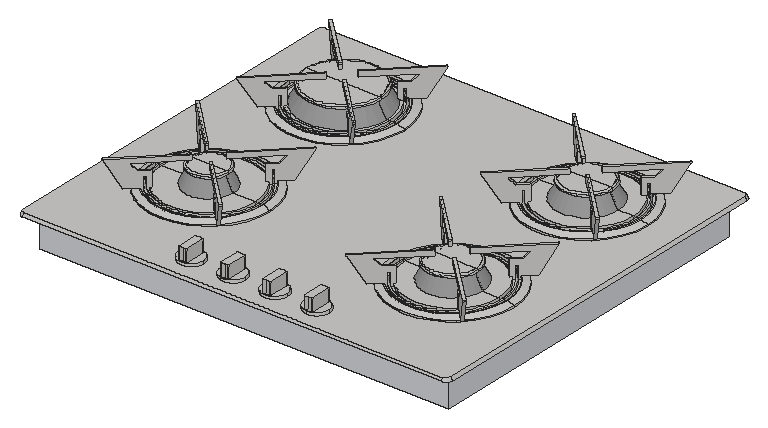
Revit family "piano di cottura a gas_steel", category Furniture, Revit 2015
Parameters
  Regolatori = Refrigerator - Body
  Bocche gas = Fuochi
  Piano = Refrigerator - Doors
  P = 51.9998 cm
  L = 59.00 cm
  Sostegni = Refrigerator - Doors
Reference planes (cm)
  plane 1 "Centro (Fronte/Retro)": y = -7.1884
  plane 2: z = 0
  plane 3 "Centro (Sinistra/Destra)": x = 0
  plane 4: y = 20.1616
  plane 5: x = -29.5
  plane 6: x = 29.5
  plane 7: z = -4.5
  plane 8 "svart top": z = 3.4
  plane 9 "svart bas": z = 3.049
  plane 10 "buchi base": z = 2.9002
  plane 11 "base fuocherello": z = 0.9301
  plane 12 "piano": z = 0.4
  plane 13 "piano fuochi": y = 15.6451
  plane 14: x = -16.6977
  plane 15: x = 16.6952
  plane 16: y = -7.0384
  plane 17: y = -7.3384
  plane 18: y = 15.7951
  plane 19: y = 15.4951
  plane 20 "knapp": z = 0.6625
  plane 21 "knapp h": z = 2.9002
  plane 22: y = 27.9998
  plane 23: y = -24
  plane 24: x = 29.5
  plane 25: x = -29.5
  plane 26: y = 1.9999
  plane 27: x = -28
  plane 28: x = 28
  plane 29: y = -22.0001
  plane 30: y = 25.9999
Forms (cm)
  Revolve 1, solid, material "Refrigerator - Doors" <- "Sostegni"
    sketch origin (0, -7.1884, 0) x (1, 0, 0) y (0, 0, 1)
      loop
        line (13.8966, 0.1879) -> (13.8966, 0.9398) -> (10.3001, 0.9398) -> (10.3001, 0.58) -> (9.2976, 0.58) -> (9.2976, 0.9223) -> (9.168, 0.9223) -> (8.2976, 0.5706) -> (8.2976, 0.43) -> (13.7477, 0.43) -> (13.7477, 0.1879) -> (13.8966, 0.1879)
      axis (16.6976, 0.9398) -> (16.6976, 0.1879)
    angle from 0 to 360
  Revolve 2, solid, material "Refrigerator - Doors" <- "Sostegni"
    sketch origin (0, -7.1884, 0) x (1, 0, 0) y (0, 0, 1)
      loop
        line (9.6976, 0.58) -> (9.8976, 0.58) -> (9.8976, 0.83)
        arc (9.8976, 0.83) -> (9.7976, 0.93) -> (9.6976, 0.83) r 0.1
        line (9.6976, 0.83) -> (9.6976, 0.58)
      axis (16.6976, 0.58) -> (16.6976, 0.83)
    angle from 0 to 360
  Revolve 3, solid, material "Refrigerator - Doors" <- "Sostegni"
    sketch origin (0, -7.1884, 0) x (1, 0, 0) y (0, 0, 1)
      loop
        line (16.6976, 3.3999) -> (13.4138, 3.3999)
        arc (13.4138, 3.3999) -> (13.3016, 3.3535) -> (13.24, 3.2488) r 0.1913
        line (13.24, 3.2488) -> (13.1977, 3.0498) -> (13.5898, 3.0498) -> (13.5898, 3.2798) -> (16.6976, 3.2798) -> (16.6976, 3.3999)
      axis (16.6976, 3.3999) -> (16.6976, 3.0498)
    angle from 0 to 360
  Revolve 4, solid, material "Fuochi" <- "Bocche gas"
    sketch origin (0, -7.1884, 0) x (1, 0, 0) y (0, 0, 1)
      loop
        line (13.5977, 3.2677) -> (13.5977, 2.9) -> (14.0138, 2.9) -> (14.0138, 2.4956) -> (14.3977, 2.4956) -> (14.3977, 3.0406) -> (13.9963, 3.0406) -> (13.9963, 3.2677) -> (13.5977, 3.2677)
      axis (16.6976, 3.2677) -> (16.6976, 2.4956)
    angle from 0 to 360
  Revolve 5, solid, material "Fuochi" <- "Bocche gas"
    sketch origin (0, -7.1884, 0) x (1, 0, 0) y (0, 0, 1)
      loop
        line (12.5976, 0.9398) -> (16.6971, 0.9398) -> (16.6971, 2.4838) -> (13.9977, 2.4838) -> (13.9977, 2.8838) -> (13.5977, 2.8838) -> (12.5976, 0.9398)
      axis (16.6976, 2.8838) -> (16.6976, 0.9398)
    angle from 0 to 360
  Extrusion 6, solid, material "Refrigerator - Doors" <- "Sostegni"
    sketch origin (4.8907, -18.9957, 0) x (0.707107, 0.707107, 0) y (0, 0, 1)
      loop
        line (7.4692, 0.9744) -> (9.3476, 0.9744) -> (9.3476, 0.6285) -> (9.6976, 0.6285) -> (9.6976, 0.7785) -> (9.6124, 0.7785) -> (9.6124, 2.351) -> (9.9827, 2.351) -> (9.9827, 0.7785) -> (9.8976, 0.7785) -> (9.8976, 0.6285) -> (10.2476, 0.6285) -> (10.2476, 0.9744) -> (10.5806, 0.9744) -> (10.5806, 3.0873) -> (9.0117, 3.0873) -> (8.1384, 4.0009) -> (14.7976, 4.0009) -> (14.7976, 4.6039)
        arc (14.7976, 4.6039) -> (14.772, 4.6658) -> (14.7101, 4.6915) r 0.0875
        line (14.7101, 4.6915) -> (5.287, 4.6915)
        arc (5.287, 4.6915) -> (5.2434, 4.6658) -> (5.2444, 4.6153) r 0.0501
        line (5.2444, 4.6153) -> (7.4692, 0.9744)
    from -0.15 to 0.15
  Extrusion 7, solid, material "Refrigerator - Doors" <- "Sostegni"
    sketch origin (28.5047, -18.995, 0) x (-0.707107, 0.707107, 0) y (0, 0, -1)
      loop
        line (7.4692, -0.9744) -> (5.2444, -4.6153)
        arc (5.2444, -4.6153) -> (5.2434, -4.6658) -> (5.287, -4.6915) r 0.0501
        line (5.287, -4.6915) -> (14.7101, -4.6915)
        arc (14.7101, -4.6915) -> (14.772, -4.6658) -> (14.7976, -4.6039) r 0.0875
        line (14.7976, -4.6039) -> (14.7976, -4.0009) -> (8.1384, -4.0009) -> (9.0117, -3.0873) -> (10.5806, -3.0873) -> (10.5806, -0.9744) -> (10.2476, -0.9744) -> (10.2476, -0.6285) -> (9.8976, -0.6285) -> (9.8976, -0.7785) -> (9.9827, -0.7785) -> (9.9827, -2.351) -> (9.6124, -2.351) -> (9.6124, -0.7785) -> (9.6976, -0.7785) -> (9.6976, -0.6285) -> (9.3476, -0.6285) -> (9.3476, -0.9744) -> (7.4692, -0.9744)
    from -0.15 to 0.15
  Extrusion 8, solid, material "Refrigerator - Doors" <- "Sostegni"
    sketch origin (-28.5063, -18.997, 0) x (0.707107, 0.707107, 0) y (0, 0, 1)
      loop
        line (7.4692, 0.9744) -> (9.3476, 0.9744) -> (9.3476, 0.6285) -> (9.6976, 0.6285) -> (9.6976, 0.7785) -> (9.6124, 0.7785) -> (9.6124, 2.351) -> (9.9827, 2.351) -> (9.9827, 0.7785) -> (9.8976, 0.7785) -> (9.8976, 0.6285) -> (10.2476, 0.6285) -> (10.2476, 0.9744) -> (10.5806, 0.9744) -> (10.5806, 3.0873) -> (9.0117, 3.0873) -> (8.1384, 4.0009) -> (14.7976, 4.0009) -> (14.7976, 4.6039)
        arc (14.7976, 4.6039) -> (14.772, 4.6658) -> (14.7101, 4.6915) r 0.0875
        line (14.7101, 4.6915) -> (5.287, 4.6915)
        arc (5.287, 4.6915) -> (5.2434, 4.6658) -> (5.2444, 4.6153) r 0.0501
        line (5.2444, 4.6153) -> (7.4692, 0.9744)
    from -0.15 to 0.15
  Extrusion 9, solid, material "Refrigerator - Doors" <- "Sostegni"
    sketch origin (-4.8923, -18.9937, 0) x (-0.707107, 0.707107, 0) y (0, 0, -1)
      loop
        line (7.4692, -0.9744) -> (5.2444, -4.6153)
        arc (5.2444, -4.6153) -> (5.2434, -4.6658) -> (5.287, -4.6915) r 0.0501
        line (5.287, -4.6915) -> (14.7101, -4.6915)
        arc (14.7101, -4.6915) -> (14.772, -4.6658) -> (14.7976, -4.6039) r 0.0875
        line (14.7976, -4.6039) -> (14.7976, -4.0009) -> (8.1384, -4.0009) -> (9.0117, -3.0873) -> (10.5806, -3.0873) -> (10.5806, -0.9744) -> (10.2476, -0.9744) -> (10.2476, -0.6285) -> (9.8976, -0.6285) -> (9.8976, -0.7785) -> (9.9827, -0.7785) -> (9.9827, -2.351) -> (9.6124, -2.351) -> (9.6124, -0.7785) -> (9.6976, -0.7785) -> (9.6976, -0.6285) -> (9.3476, -0.6285) -> (9.3476, -0.9744) -> (7.4692, -0.9744)
    from -0.15 to 0.15
  Revolve 10, solid, material "Refrigerator - Doors" <- "Sostegni"
    sketch origin (0, -7.1884, 0) x (1, 0, 0) y (0, 0, 1)
      loop
        line (-16.6977, 3.28) -> (-16.6977, 3.4) -> (-19.1674, 3.4)
        arc (-19.1674, 3.4) -> (-19.2918, 3.3574) -> (-19.3641, 3.2474) r 0.2031
        line (-19.3641, 3.2474) -> (-19.3978, 3.049) -> (-19.0047, 3.049) -> (-19.0047, 3.28) -> (-16.6977, 3.28)
      axis (-16.6977, 3.049) -> (-16.6977, 3.4)
    angle from 0 to 360
  Revolve 11, solid, material "Fuochi" <- "Bocche gas"
    sketch origin (0, -7.1884, 0) x (1, 0, 0) y (0, 0, 1)
      loop
        line (-19.0047, 3.0407) -> (-19.0047, 2.9002) -> (-18.5814, 2.9002) -> (-18.5814, 2.4958) -> (-18.1976, 2.4958) -> (-18.1976, 3.0407) -> (-19.0047, 3.0407)
      axis (-16.6977, 2.4958) -> (-16.6977, 3.0407)
    angle from 0 to 360
  Revolve 12, solid, material "Fuochi" <- "Bocche gas"
    sketch origin (0, -7.1884, 0) x (1, 0, 0) y (0, 0, 1)
      loop
        line (-18.9976, 2.884) -> (-19.9977, 0.9399) -> (-18.6486, 0.9399) -> (-18.6486, 0.2018) -> (-18.1976, 0.2018) -> (-18.1976, 2.484) -> (-18.5976, 2.484) -> (-18.5976, 2.884) -> (-18.9976, 2.884)
      axis (-16.6977, 0.2018) -> (-16.6977, 2.884)
    angle from 0 to 360
  Revolve 13, solid, material "Refrigerator - Doors" <- "Sostegni"
    sketch origin (0, -7.1884, 0) x (1, 0, 0) y (0, 0, 1)
      loop
        line (-23.6977, 0.5801) -> (-23.4977, 0.5801) -> (-23.4977, 0.8301)
        arc (-23.4977, 0.8301) -> (-23.5977, 0.9301) -> (-23.6977, 0.8301) r 0.1
        line (-23.6977, 0.8301) -> (-23.6977, 0.5801)
      axis (-16.6977, 0.5801) -> (-16.6977, 0.8301)
    angle from 0 to 360
  Revolve 14, solid, material "Refrigerator - Doors" <- "Sostegni"
    sketch origin (0, -7.1884, 0) x (1, 0, 0) y (0, 0, 1)
      loop
        line (-18.8476, 0.4301) -> (-18.8476, 0.0889) -> (-18.6986, 0.0889) -> (-18.6986, 0.9301) -> (-23.0977, 0.9301) -> (-23.0977, 0.5801) -> (-24.0977, 0.5801) -> (-24.0977, 0.9301) -> (-24.2078, 0.9301) -> (-25.0977, 0.5706) -> (-25.0977, 0.4301) -> (-18.8476, 0.4301)
      axis (-16.6977, 0.0889) -> (-16.6977, 0.9301)
    angle from 0 to 360
  Extrusion 15, solid, material "Refrigerator - Doors" <- "Sostegni"
    sketch origin (28.5086, 4.6222, 0) x (-0.707107, -0.707107, 0) y (0, 0, 1)
      loop
        line (7.4692, 0.9744) -> (9.3476, 0.9744) -> (9.3476, 0.6285) -> (9.6976, 0.6285) -> (9.6976, 0.7785) -> (9.6124, 0.7785) -> (9.6124, 2.351) -> (9.9827, 2.351) -> (9.9827, 0.7785) -> (9.8976, 0.7785) -> (9.8976, 0.6285) -> (10.2476, 0.6285) -> (10.2476, 0.9744) -> (10.5806, 0.9744) -> (10.5806, 3.0873) -> (9.0117, 3.0873) -> (8.1384, 4.0009) -> (14.7976, 4.0009) -> (14.7976, 4.6039)
        arc (14.7976, 4.6039) -> (14.772, 4.6658) -> (14.7101, 4.6915) r 0.0875
        line (14.7101, 4.6915) -> (5.287, 4.6915)
        arc (5.287, 4.6915) -> (5.2434, 4.6658) -> (5.2444, 4.6153) r 0.0501
        line (5.2444, 4.6153) -> (7.4692, 0.9744)
    from -0.15 to 0.15
  Extrusion 16, solid, material "Refrigerator - Doors" <- "Sostegni"
    sketch origin (4.8872, 4.6215, 0) x (0.707107, -0.707107, 0) y (0, 0, 1)
      loop
        line (7.4692, 0.9744) -> (9.3476, 0.9744) -> (9.3476, 0.6285) -> (9.6976, 0.6285) -> (9.6976, 0.7785) -> (9.6124, 0.7785) -> (9.6124, 2.351) -> (9.9827, 2.351) -> (9.9827, 0.7785) -> (9.8976, 0.7785) -> (9.8976, 0.6285) -> (10.2476, 0.6285) -> (10.2476, 0.9744) -> (10.5806, 0.9744) -> (10.5806, 3.0873) -> (9.0117, 3.0873) -> (8.1384, 4.0009) -> (14.7976, 4.0009) -> (14.7976, 4.6039)
        arc (14.7976, 4.6039) -> (14.772, 4.6658) -> (14.7101, 4.6915) r 0.0875
        line (14.7101, 4.6915) -> (5.287, 4.6915)
        arc (5.287, 4.6915) -> (5.2434, 4.6658) -> (5.2444, 4.6153) r 0.0501
        line (5.2444, 4.6153) -> (7.4692, 0.9744)
    from -0.15 to 0.15
  Extrusion 17, solid, material "Refrigerator - Doors" <- "Sostegni"
    sketch origin (-4.8923, 4.6169, 0) x (-0.707107, -0.707107, 0) y (0, 0, 1)
      loop
        line (7.4692, 0.9744) -> (9.3476, 0.9744) -> (9.3476, 0.6285) -> (9.6976, 0.6285) -> (9.6976, 0.7785) -> (9.6124, 0.7785) -> (9.6124, 2.351) -> (9.9827, 2.351) -> (9.9827, 0.7785) -> (9.8976, 0.7785) -> (9.8976, 0.6285) -> (10.2476, 0.6285) -> (10.2476, 0.9744) -> (10.5806, 0.9744) -> (10.5806, 3.0873) -> (9.0117, 3.0873) -> (8.1384, 4.0009) -> (14.7976, 4.0009) -> (14.7976, 4.6039)
        arc (14.7976, 4.6039) -> (14.772, 4.6658) -> (14.7101, 4.6915) r 0.0875
        line (14.7101, 4.6915) -> (5.287, 4.6915)
        arc (5.287, 4.6915) -> (5.2434, 4.6658) -> (5.2444, 4.6153) r 0.0501
        line (5.2444, 4.6153) -> (7.4692, 0.9744)
    from -0.15 to 0.15
  Extrusion 18, solid, material "Refrigerator - Doors" <- "Sostegni"
    sketch origin (-28.503, 4.6169, 0) x (0.707107, -0.707107, 0) y (0, 0, 1)
      loop
        line (7.4692, 0.9744) -> (9.3476, 0.9744) -> (9.3476, 0.6285) -> (9.6976, 0.6285) -> (9.6976, 0.7785) -> (9.6124, 0.7785) -> (9.6124, 2.351) -> (9.9827, 2.351) -> (9.9827, 0.7785) -> (9.8976, 0.7785) -> (9.8976, 0.6285) -> (10.2476, 0.6285) -> (10.2476, 0.9744) -> (10.5806, 0.9744) -> (10.5806, 3.0873) -> (9.0117, 3.0873) -> (8.1384, 4.0009) -> (14.7976, 4.0009) -> (14.7976, 4.6039)
        arc (14.7976, 4.6039) -> (14.772, 4.6658) -> (14.7101, 4.6915) r 0.0875
        line (14.7101, 4.6915) -> (5.287, 4.6915)
        arc (5.287, 4.6915) -> (5.2434, 4.6658) -> (5.2444, 4.6153) r 0.0501
        line (5.2444, 4.6153) -> (7.4692, 0.9744)
    from -0.15 to 0.15
  Revolve 19, solid, material "Refrigerator - Doors" <- "Sostegni"
    sketch origin (-163.8645, 15.6451, 0) x (-1, 0, 0) y (0, 0, 1)
      loop
        line (-154.3023, 0.5801) -> (-154.1023, 0.5801) -> (-154.1023, 0.8301)
        arc (-154.1023, 0.8301) -> (-154.2023, 0.9301) -> (-154.3023, 0.8301) r 0.1
        line (-154.3023, 0.8301) -> (-154.3023, 0.5801)
      axis (-147.3023, 0.5801) -> (-147.3023, 0.8301)
    angle from 0 to 360
  Revolve 20, solid, material "Refrigerator - Doors" <- "Sostegni"
    sketch origin (-163.8645, 15.6451, 0) x (-1, 0, 0) y (0, 0, 1)
      loop
        line (-155.7023, 0.4301) -> (-151.9523, 0.4301) -> (-151.9523, 0.132) -> (-151.8034, 0.132) -> (-151.8034, 0.9301) -> (-153.7023, 0.9301) -> (-153.7023, 0.5801) -> (-154.7023, 0.5801) -> (-154.7023, 0.9301) -> (-154.8121, 0.9301) -> (-155.7023, 0.5704) -> (-155.7023, 0.4301)
      axis (-147.3023, 0.132) -> (-147.3023, 0.9301)
    angle from 0 to 360
  Extrusion 21, solid, material "Refrigerator - Doors" <- "Sostegni"
    sketch origin (-120.7603, -88.4176, 0) x (-0.707107, -0.707107, 0) y (0, 0, 1)
      loop
        line (-138.7455, 4.0009) -> (-139.6344, 3.0873) -> (-141.2009, 3.0873) -> (-141.2009, 0.9801) -> (-140.868, 0.9801) -> (-140.868, 0.6287) -> (-140.518, 0.6287) -> (-140.518, 0.7787) -> (-140.6031, 0.7787) -> (-140.6031, 2.351) -> (-140.2328, 2.351) -> (-140.2328, 0.7787) -> (-140.318, 0.7787) -> (-140.318, 0.6287) -> (-139.968, 0.6287) -> (-139.968, 0.9745) -> (-138.1013, 0.9745) -> (-135.8492, 4.6163)
        arc (-135.8492, 4.6163) -> (-135.845, 4.671) -> (-135.8918, 4.6996) r 0.0525
        line (-135.8918, 4.6996) -> (-145.3435, 4.6996)
        arc (-145.3435, 4.6996) -> (-145.3957, 4.678) -> (-145.4173, 4.6259) r 0.0738
        line (-145.4173, 4.6259) -> (-145.4173, 4.0009) -> (-138.7455, 4.0009)
    from -0.15 to 0.15
  Extrusion 22, solid, material "Refrigerator - Doors" <- "Sostegni"
    sketch origin (-87.3769, -88.427, 0) x (-0.707107, -0.707107, 0) y (0, 0, 1)
      loop
        line (-138.7455, 4.0009) -> (-139.6344, 3.0873) -> (-141.2009, 3.0873) -> (-141.2009, 0.9801) -> (-140.868, 0.9801) -> (-140.868, 0.6287) -> (-140.518, 0.6287) -> (-140.518, 0.7787) -> (-140.6031, 0.7787) -> (-140.6031, 2.351) -> (-140.2328, 2.351) -> (-140.2328, 0.7787) -> (-140.318, 0.7787) -> (-140.318, 0.6287) -> (-139.968, 0.6287) -> (-139.968, 0.9745) -> (-138.1013, 0.9745) -> (-135.8492, 4.6163)
        arc (-135.8492, 4.6163) -> (-135.845, 4.671) -> (-135.8918, 4.6996) r 0.0525
        line (-135.8918, 4.6996) -> (-145.3435, 4.6996)
        arc (-145.3435, 4.6996) -> (-145.3957, 4.678) -> (-145.4173, 4.6259) r 0.0738
        line (-145.4173, 4.6259) -> (-145.4173, 4.0009) -> (-138.7455, 4.0009)
    from -0.15 to 0.15
  Extrusion 23, solid, material "Refrigerator - Doors" <- "Sostegni"
    sketch origin (-87.5716, 119.9119, -0.0003) x (-0.707107, 0.707107, 0) y (0, 0, -1)
      loop
        line (-138.7455, -4.0009) -> (-145.4173, -4.0009) -> (-145.4173, -4.6259)
        arc (-145.4173, -4.6259) -> (-145.3957, -4.678) -> (-145.3435, -4.6996) r 0.0738
        line (-145.3435, -4.6996) -> (-135.8918, -4.6996)
        arc (-135.8918, -4.6996) -> (-135.845, -4.671) -> (-135.8492, -4.6163) r 0.0525
        line (-135.8492, -4.6163) -> (-138.1013, -0.9745) -> (-139.968, -0.9745) -> (-139.968, -0.6287) -> (-140.318, -0.6287) -> (-140.318, -0.7787) -> (-140.2328, -0.7787) -> (-140.2328, -2.351) -> (-140.6031, -2.351) -> (-140.6031, -0.7787) -> (-140.518, -0.7787) -> (-140.518, -0.6287) -> (-140.868, -0.6287) -> (-140.868, -0.9801) -> (-141.2009, -0.9801) -> (-141.2009, -3.0873) -> (-139.6344, -3.0873) -> (-138.7455, -4.0009)
    from -0.15 to 0.15
  Revolve 24, solid, material "Refrigerator - Doors" <- "Sostegni"
    sketch origin (-163.8645, 15.6451, 0) x (-1, 0, 0) y (0, 0, 1)
      loop
        line (-147.3023, 3.4) -> (-152.2612, 3.4)
        arc (-152.2612, 3.4) -> (-152.3864, 3.3605) -> (-152.4663, 3.2564) r 0.2182
        line (-152.4663, 3.2564) -> (-152.5026, 3.049) -> (-152.1102, 3.049) -> (-152.1102, 3.2804) -> (-147.3023, 3.2804) -> (-147.3023, 3.4)
      axis (-147.3023, 3.049) -> (-147.3023, 3.4)
    angle from 0 to 360
  Revolve 25, solid, material "Fuochi" <- "Bocche gas"
    sketch origin (-163.8645, 15.6451, 0) x (-1, 0, 0) y (0, 0, 1)
      loop
        line (-151.7023, 3.2683) -> (-152.1023, 3.2683) -> (-152.1023, 2.9006) -> (-151.6862, 2.9006) -> (-151.6862, 2.4962) -> (-151.3023, 2.4962) -> (-151.3023, 3.0412) -> (-151.7023, 3.0412) -> (-151.7023, 3.2683)
      axis (-147.3023, 2.4962) -> (-147.3023, 3.2683)
    angle from 0 to 360
  Revolve 26, solid, material "Fuochi" <- "Bocche gas"
    sketch origin (-163.8645, 15.6451, 0) x (-1, 0, 0) y (0, 0, 1)
      loop
        line (-153.3023, 0.9404) -> (-151.7534, 0.9404) -> (-151.7534, 0.132) -> (-151.3023, 0.132) -> (-151.3023, 2.4844) -> (-151.7023, 2.4844) -> (-151.7023, 2.8844) -> (-152.1023, 2.8844) -> (-153.3023, 0.9404)
      axis (-147.3023, 2.8844) -> (-147.3023, 0.132)
    angle from 0 to 360
  Revolve 27, solid, material "Refrigerator - Doors" <- "Sostegni"
    sketch origin (-163.8645, 15.6451, 0) x (-1, 0, 0) y (0, 0, 1)
      loop
        line (-187.6976, 0.58) -> (-187.4976, 0.58) -> (-187.4976, 0.83)
        arc (-187.4976, 0.83) -> (-187.5976, 0.93) -> (-187.6976, 0.83) r 0.1
        line (-187.6976, 0.83) -> (-187.6976, 0.58)
      axis (-180.6976, 0.58) -> (-180.6976, 0.83)
    angle from 0 to 360
  Revolve 28, solid, material "Refrigerator - Doors" <- "Sostegni"
    sketch origin (-163.8645, 15.6451, 0) x (-1, 0, 0) y (0, 0, 1)
      loop
        line (-189.0976, 0.5703) -> (-189.0976, 0.4304) -> (-183.6477, 0.4304) -> (-183.6477, 0.1469) -> (-183.4987, 0.1469) -> (-183.4987, 0.9301) -> (-187.0976, 0.9301) -> (-187.0976, 0.58) -> (-188.0976, 0.58) -> (-188.0976, 0.9301) -> (-188.207, 0.9301) -> (-189.0976, 0.5703)
      axis (-180.6976, 0.1469) -> (-180.6976, 0.9301)
    angle from 0 to 360
  Revolve 29, solid, material "Fuochi" <- "Bocche gas"
    sketch origin (-163.8645, 15.6451, 0) x (-1, 0, 0) y (0, 0, 1)
      loop
        line (-183.3977, 3.2682) -> (-183.7977, 3.2682) -> (-183.7977, 2.9004) -> (-183.3815, 2.9004) -> (-183.3815, 2.496) -> (-182.9977, 2.496) -> (-182.9977, 3.041) -> (-183.3977, 3.041) -> (-183.3977, 3.2682)
      axis (-180.6976, 2.496) -> (-180.6976, 3.2682)
    angle from 0 to 360
  Revolve 30, solid, material "Fuochi" <- "Bocche gas"
    sketch origin (-163.8645, 15.6451, 0) x (-1, 0, 0) y (0, 0, 1)
      loop
        line (-184.9977, 0.9402) -> (-183.4487, 0.9402) -> (-183.4487, 0.1469) -> (-182.9977, 0.1469) -> (-182.9977, 2.4842) -> (-183.3977, 2.4842) -> (-183.3977, 2.8842) -> (-183.7977, 2.8842) -> (-184.9977, 0.9402)
      axis (-180.6976, 0.1469) -> (-180.6976, 2.8842)
    angle from 0 to 360
  Revolve 31, solid, material "Refrigerator - Doors" <- "Sostegni"
    sketch origin (-163.8645, 15.6451, 0) x (-1, 0, 0) y (0, 0, 1)
      loop
        line (-180.6976, 3.2803) -> (-180.6976, 3.4) -> (-183.9674, 3.4)
        arc (-183.9674, 3.4) -> (-184.0923, 3.357) -> (-184.1642, 3.2463) r 0.2028
        line (-184.1642, 3.2463) -> (-184.1979, 3.049) -> (-183.8055, 3.049) -> (-183.8055, 3.2803) -> (-180.6976, 3.2803)
      axis (-180.6976, 3.4) -> (-180.6976, 3.049)
    angle from 0 to 360
  Extrusion 32, solid, material "Refrigerator - Doors" <- "Sostegni"
    sketch origin (87.365, -88.4176, 0) x (0.707107, -0.707107, 0) y (0, 0, -1)
      loop
        line (-138.7455, -4.0009) -> (-145.4173, -4.0009) -> (-145.4173, -4.6259)
        arc (-145.4173, -4.6259) -> (-145.3957, -4.678) -> (-145.3435, -4.6996) r 0.0738
        line (-145.3435, -4.6996) -> (-135.8918, -4.6996)
        arc (-135.8918, -4.6996) -> (-135.845, -4.671) -> (-135.8492, -4.6163) r 0.0525
        line (-135.8492, -4.6163) -> (-138.1013, -0.9745) -> (-139.968, -0.9745) -> (-139.968, -0.6287) -> (-140.318, -0.6287) -> (-140.318, -0.7787) -> (-140.2328, -0.7787) -> (-140.2328, -2.351) -> (-140.6031, -2.351) -> (-140.6031, -0.7787) -> (-140.518, -0.7787) -> (-140.518, -0.6287) -> (-140.868, -0.6287) -> (-140.868, -0.9801) -> (-141.2009, -0.9801) -> (-141.2009, -3.0873) -> (-139.6344, -3.0873) -> (-138.7455, -4.0009)
    from -0.15 to 0.15
  Extrusion 33, solid, material "Refrigerator - Doors" <- "Sostegni"
    sketch origin (-120.7603, 119.7077, 0) x (-0.707107, 0.707107, 0) y (0, 0, -1)
      loop
        line (-138.7455, -4.0009) -> (-145.4173, -4.0009) -> (-145.4173, -4.6259)
        arc (-145.4173, -4.6259) -> (-145.3957, -4.678) -> (-145.3435, -4.6996) r 0.0738
        line (-145.3435, -4.6996) -> (-135.8918, -4.6996)
        arc (-135.8918, -4.6996) -> (-135.845, -4.671) -> (-135.8492, -4.6163) r 0.0525
        line (-135.8492, -4.6163) -> (-138.1013, -0.9745) -> (-139.968, -0.9745) -> (-139.968, -0.6287) -> (-140.318, -0.6287) -> (-140.318, -0.7787) -> (-140.2328, -0.7787) -> (-140.2328, -2.351) -> (-140.6031, -2.351) -> (-140.6031, -0.7787) -> (-140.518, -0.7787) -> (-140.518, -0.6287) -> (-140.868, -0.6287) -> (-140.868, -0.9801) -> (-141.2009, -0.9801) -> (-141.2009, -3.0873) -> (-139.6344, -3.0873) -> (-138.7455, -4.0009)
    from -0.15 to 0.15
  Extrusion 34, solid, material "Refrigerator - Doors" <- "Sostegni"
    sketch origin (87.365, 119.7077, 0) x (0.707107, 0.707107, 0) y (0, 0, -1)
      loop
        line (-138.7455, -4.0009) -> (-145.4173, -4.0009) -> (-145.4173, -4.6259)
        arc (-145.4173, -4.6259) -> (-145.3957, -4.678) -> (-145.3435, -4.6996) r 0.0738
        line (-145.3435, -4.6996) -> (-135.8918, -4.6996)
        arc (-135.8918, -4.6996) -> (-135.845, -4.671) -> (-135.8492, -4.6163) r 0.0525
        line (-135.8492, -4.6163) -> (-138.1013, -0.9745) -> (-139.968, -0.9745) -> (-139.968, -0.6287) -> (-140.318, -0.6287) -> (-140.318, -0.7787) -> (-140.2328, -0.7787) -> (-140.2328, -2.351) -> (-140.6031, -2.351) -> (-140.6031, -0.7787) -> (-140.518, -0.7787) -> (-140.518, -0.6287) -> (-140.868, -0.6287) -> (-140.868, -0.9801) -> (-141.2009, -0.9801) -> (-141.2009, -3.0873) -> (-139.6344, -3.0873) -> (-138.7455, -4.0009)
    from -0.15 to 0.15
  Extrusion 35, solid, material "Refrigerator - Doors" <- "Sostegni"
    sketch origin (120.7674, 119.7172, 0) x (0.707107, 0.707107, 0) y (0, 0, -1)
      loop
        line (-138.7455, -4.0009) -> (-145.4173, -4.0009) -> (-145.4173, -4.6259)
        arc (-145.4173, -4.6259) -> (-145.3957, -4.678) -> (-145.3435, -4.6996) r 0.0738
        line (-145.3435, -4.6996) -> (-135.8918, -4.6996)
        arc (-135.8918, -4.6996) -> (-135.845, -4.671) -> (-135.8492, -4.6163) r 0.0525
        line (-135.8492, -4.6163) -> (-138.1013, -0.9745) -> (-139.968, -0.9745) -> (-139.968, -0.6287) -> (-140.318, -0.6287) -> (-140.318, -0.7787) -> (-140.2328, -0.7787) -> (-140.2328, -2.351) -> (-140.6031, -2.351) -> (-140.6031, -0.7787) -> (-140.518, -0.7787) -> (-140.518, -0.6287) -> (-140.868, -0.6287) -> (-140.868, -0.9801) -> (-141.2009, -0.9801) -> (-141.2009, -3.0873) -> (-139.6344, -3.0873) -> (-138.7455, -4.0009)
    from -0.15 to 0.15
  Extrusion 36, solid, material "Refrigerator - Doors" <- "Sostegni"
    sketch origin (120.7674, -88.427, 0) x (0.707107, -0.707107, 0) y (0, 0, -1)
      loop
        line (-138.7455, -4.0009) -> (-145.4173, -4.0009) -> (-145.4173, -4.6259)
        arc (-145.4173, -4.6259) -> (-145.3957, -4.678) -> (-145.3435, -4.6996) r 0.0738
        line (-145.3435, -4.6996) -> (-135.8918, -4.6996)
        arc (-135.8918, -4.6996) -> (-135.845, -4.671) -> (-135.8492, -4.6163) r 0.0525
        line (-135.8492, -4.6163) -> (-138.1013, -0.9745) -> (-139.968, -0.9745) -> (-139.968, -0.6287) -> (-140.318, -0.6287) -> (-140.318, -0.7787) -> (-140.2328, -0.7787) -> (-140.2328, -2.351) -> (-140.6031, -2.351) -> (-140.6031, -0.7787) -> (-140.518, -0.7787) -> (-140.518, -0.6287) -> (-140.868, -0.6287) -> (-140.868, -0.9801) -> (-141.2009, -0.9801) -> (-141.2009, -3.0873) -> (-139.6344, -3.0873) -> (-138.7455, -4.0009)
    from -0.15 to 0.15
  Blend 37, solid, material "Refrigerator - Doors" <- "Piano"
    base sketch origin (0, 2, 0) x (1, 0, 0) y (0, 1, 0)
      loop
        arc (-28.7069, 25.9998) -> (-29.2676, 25.7676) -> (-29.4998, 25.2069) r 0.7929
        line (-29.4998, 25.2069) -> (-29.4998, -25.2071)
        arc (-29.4998, -25.2071) -> (-29.2676, -25.7678) -> (-28.7069, -26) r 0.7929
        line (-28.7069, -26) -> (28.7069, -26)
        arc (28.7069, -26) -> (29.2676, -25.7678) -> (29.4998, -25.2071) r 0.7929
        line (29.4998, -25.2071) -> (29.4998, 25.1896)
        arc (29.4998, 25.1896) -> (29.2625, 25.7625) -> (28.6896, 25.9998) r 0.8102
        line (28.6896, 25.9998) -> (-28.7069, 25.9998)
    top sketch origin (0, 2, 0.4) x (-1, 0, 0) y (0, -1, 0)
      loop
        arc (28.7069, -25.7998) -> (29.1262, -25.6262) -> (29.2998, -25.2069) r 0.5929
        line (29.2998, -25.2069) -> (29.2998, 25.2071)
        arc (29.2998, 25.2071) -> (29.1262, 25.6263) -> (28.7069, 25.8) r 0.5929
        line (28.7069, 25.8) -> (-28.7069, 25.8)
        arc (-28.7069, 25.8) -> (-29.1262, 25.6263) -> (-29.2998, 25.2071) r 0.5929
        line (-29.2998, 25.2071) -> (-29.2998, -25.1896)
        arc (-29.2998, -25.1896) -> (-29.1211, -25.6211) -> (-28.6896, -25.7998) r 0.6102
        line (-28.6896, -25.7998) -> (28.7069, -25.7998)
    from 0 to 0
  Extrusion 38, solid, material "Refrigerator - Body" <- "Regolatori"
    sketch origin (-0.0156, 0.0312, 0.6625) x (-1, 0, 0) y (0, -1, 0)
      loop
        arc (9.1164, 21.7164) -> (9.0853, 21.7915) -> (9.0102, 21.8226) r 0.1062
        line (9.0102, 21.8226) -> (8.6, 21.8226) -> (8.1483, 21.8226)
        arc (8.1483, 21.8226) -> (8.0735, 21.7916) -> (8.0425, 21.7168) r 0.1058
        line (8.0425, 21.7168) -> (8.0425, 19.0265)
        arc (8.0425, 19.0265) -> (8.0592, 18.9708) -> (8.1036, 18.9334) r 0.1015
        arc (8.1036, 18.9334) -> (8.5838, 18.9068) -> (9.064, 18.9323) r 4.4383
        arc (9.064, 18.9323) -> (9.1024, 18.9713) -> (9.1164, 19.0242) r 0.1067
        line (9.1164, 19.0242) -> (9.1164, 21.7164)
    from 0 to 1.6885
  Blend 39, solid, material "Refrigerator - Body" <- "Regolatori"
    base sketch origin (0, 0, 0) x (1, 0, 0) y (0, 1, 0)
      loop
        circle (-8.6, -20.3564) r 1.8
    top sketch origin (0, 0, 0.4) x (-1, 0, 0) y (0, -1, 0)
      loop
        circle (8.6, 20.3564) r 1.6892
    from 0 to 0.2625
  Extrusion 40, solid, material "Refrigerator - Body" <- "Regolatori"
    sketch origin (5.7161, 0.0312, 0.6625) x (-1, 0, 0) y (0, -1, 0)
      loop
        arc (9.1164, 21.7164) -> (9.0853, 21.7915) -> (9.0102, 21.8226) r 0.1062
        line (9.0102, 21.8226) -> (8.6, 21.8226) -> (8.1483, 21.8226)
        arc (8.1483, 21.8226) -> (8.0735, 21.7916) -> (8.0425, 21.7168) r 0.1058
        line (8.0425, 21.7168) -> (8.0425, 19.0265)
        arc (8.0425, 19.0265) -> (8.0592, 18.9708) -> (8.1036, 18.9334) r 0.1015
        arc (8.1036, 18.9334) -> (8.5838, 18.9068) -> (9.064, 18.9323) r 4.4383
        arc (9.064, 18.9323) -> (9.1024, 18.9713) -> (9.1164, 19.0242) r 0.1067
        line (9.1164, 19.0242) -> (9.1164, 21.7164)
    from 0 to 1.6885
  Blend 41, solid, material "Refrigerator - Body" <- "Regolatori"
    base sketch origin (5.7317, 0, 0) x (1, 0, 0) y (0, 1, 0)
      loop
        circle (-8.6, -20.3564) r 1.8
    top sketch origin (5.7317, 0, 0.4) x (-1, 0, 0) y (0, -1, 0)
      loop
        circle (8.6, 20.3564) r 1.6892
    from 0 to 0.2625
  Extrusion 42, solid, material "Refrigerator - Body" <- "Regolatori"
    sketch origin (11.4479, 0.0312, 0.6625) x (-1, 0, 0) y (0, -1, 0)
      loop
        arc (9.1164, 21.7164) -> (9.0853, 21.7915) -> (9.0102, 21.8226) r 0.1062
        line (9.0102, 21.8226) -> (8.6, 21.8226) -> (8.1483, 21.8226)
        arc (8.1483, 21.8226) -> (8.0735, 21.7916) -> (8.0425, 21.7168) r 0.1058
        line (8.0425, 21.7168) -> (8.0425, 19.0265)
        arc (8.0425, 19.0265) -> (8.0592, 18.9708) -> (8.1036, 18.9334) r 0.1015
        arc (8.1036, 18.9334) -> (8.5838, 18.9068) -> (9.064, 18.9323) r 4.4383
        arc (9.064, 18.9323) -> (9.1024, 18.9713) -> (9.1164, 19.0242) r 0.1067
        line (9.1164, 19.0242) -> (9.1164, 21.7164)
    from 0 to 1.6885
  Blend 43, solid, material "Refrigerator - Body" <- "Regolatori"
    base sketch origin (11.4635, 0, 0) x (1, 0, 0) y (0, 1, 0)
      loop
        circle (-8.6, -20.3564) r 1.8
    top sketch origin (11.4635, 0, 0.4) x (-1, 0, 0) y (0, -1, 0)
      loop
        circle (8.6, 20.3564) r 1.6892
    from 0 to 0.2625
  Extrusion 44, solid, material "Refrigerator - Body" <- "Regolatori"
    sketch origin (17.1796, 0.0312, 0.6625) x (-1, 0, 0) y (0, -1, 0)
      loop
        arc (9.1164, 21.7164) -> (9.0853, 21.7915) -> (9.0102, 21.8226) r 0.1062
        line (9.0102, 21.8226) -> (8.6, 21.8226) -> (8.1483, 21.8226)
        arc (8.1483, 21.8226) -> (8.0735, 21.7916) -> (8.0425, 21.7168) r 0.1058
        line (8.0425, 21.7168) -> (8.0425, 19.0265)
        arc (8.0425, 19.0265) -> (8.0592, 18.9708) -> (8.1036, 18.9334) r 0.1015
        arc (8.1036, 18.9334) -> (8.5838, 18.9068) -> (9.064, 18.9323) r 4.4383
        arc (9.064, 18.9323) -> (9.1024, 18.9713) -> (9.1164, 19.0242) r 0.1067
        line (9.1164, 19.0242) -> (9.1164, 21.7164)
    from 0 to 1.6885
  Blend 45, solid, material "Refrigerator - Body" <- "Regolatori"
    base sketch origin (17.1952, 0, 0) x (1, 0, 0) y (0, 1, 0)
      loop
        circle (-8.6, -20.3564) r 1.8
    top sketch origin (17.1952, 0, 0.4) x (-1, 0, 0) y (0, -1, 0)
      loop
        circle (8.6, 20.3564) r 1.6892
    from 0 to 0.2625
  Extrusion 46, solid
    sketch origin (0, 0, 0) x (1, 0, 0) y (0, 1, 0)
      loop
        line (-28, 25.9999) -> (-28, -22.0001) -> (28, -22.0001) -> (28, 25.9999) -> (-28, 25.9999)
    from -4.5 to 0
Dimensions and locks (cm)
  locked: level to plane 7 at 4.5
  locked: plane 16 to plane 17 at 0.3
  plane 18 to plane 19 = 0.30 cm
  plane 20 "knapp" to plane 12 "piano" = 0.2625 cm
  plane 21 "knapp h" to plane 20 "knapp" = 2.2377 cm
  plane 9 "svart bas" to plane 20 "knapp" = 2.3865 cm
  "L": plane 25 to plane 24
  equal spacing: plane 25, plane 3 "Centro (Sinistra/Destra)", plane 24
  "P": plane 23 to plane 22
  equal spacing: plane 23, plane 26, plane 22
  locked: plane 27 to plane 28 at 56
  equal spacing: plane 27, plane 3 "Centro (Sinistra/Destra)", plane 28
  plane 30 to plane 29 = 48.00 cm
  equal spacing: plane 30, plane 26, plane 29, locked at 24 each
  aligned and locked: level to plane 2
  aligned and locked: Extrusion 7 to Extrusion 6
  aligned and locked: Extrusion 6 to Extrusion 7
  aligned and locked: Extrusion 6 to Extrusion 9
  aligned and locked: Extrusion 9 to Extrusion 8
  aligned and locked: Extrusion 9 to Extrusion 6
  aligned and locked: Extrusion 8 to Extrusion 9
  aligned and locked: Blend 37 to plane 12 "piano"
  aligned and locked: Blend 37 to level
  aligned and locked: plane 20 "knapp" to Blend 39
  aligned and locked: plane 24 to plane 6
  aligned and locked: plane 23 to Blend 37
  aligned and locked: plane 22 to Blend 37
  aligned and locked: Extrusion 46 sketch curve to plane 30
  aligned and locked: plane 27 to Extrusion 46 sketch curve
  aligned and locked: plane 29 to Extrusion 46 sketch curve
  aligned and locked: Extrusion 46 sketch curve to plane 28
  aligned and locked: Extrusion 46 to Blend 37
  aligned and locked: Extrusion 46 to plane 7
  aligned and locked: Extrusion 38 to Extrusion 40
  aligned and locked: Extrusion 40 to Extrusion 42
  aligned and locked: Extrusion 44 to Extrusion 42  (x2)
  aligned and locked: Extrusion 40 to Extrusion 38
  aligned and locked: Extrusion 42 to Extrusion 40
Automatic sketch dimensions
  plane 12 "piano" to Revolve 1 sketch curve = 0.03 cm
  plane 3 "Centro (Sinistra/Destra)" to Revolve 1 sketch curve = 8.2976 cm
  Revolve 1 sketch curve to plane 11 "base fuocherello" = 0.0078 cm
  Revolve 1 sketch curve to Revolve 1 sketch curve = 0.8704 cm
  Revolve 1 sketch curve to Revolve 1 sketch curve = 0.1296 cm
  Revolve 1 sketch curve to plane 20 "knapp" = 0.0825 cm
  Revolve 1 sketch curve to Revolve 1 sketch curve = 1.0025 cm
  Revolve 1 sketch curve to plane 15 = 2.9476 cm
  plane 11 "base fuocherello" to Revolve 1 sketch curve = 0.0097 cm
  Revolve 1 sketch curve to Revolve 1 sketch curve = 0.149 cm
  level to Revolve 1 sketch curve = 0.1879 cm
  Revolve 1 sketch curve to plane 20 "knapp" = 0.0919 cm
  plane 15 to Revolve 1 sketch curve = 0.0023 cm
  plane 7 to Revolve 1 sketch curve = 1.5237 cm
  plane 8 "svart top" to Revolve 1 sketch curve = 2.1237 cm
  Revolve 2 sketch curve to plane 20 "knapp" = 0.0825 cm
  Revolve 2 sketch curve to plane 15 = 6.7977 cm
  Revolve 2 sketch curve to Revolve 2 sketch curve = 0.10 cm
  Revolve 2 sketch curve to plane 11 "base fuocherello" = 0.1002 cm
  Revolve 2 sketch curve to level = 0.6776 cm
  plane 11 "base fuocherello" to Revolve 2 sketch curve = 0.5936 cm
  plane 9 "svart bas" to Revolve 3 sketch curve = 0.0009 cm
  Revolve 3 sketch curve to plane 15 = 3.4976 cm
  Revolve 3 sketch curve to plane 8 "svart top" = 0.1512 cm
  Revolve 3 sketch curve to Revolve 3 sketch curve = 0.0423 cm
  Revolve 3 sketch curve to plane 8 "svart top" = 0.0001 cm
  Revolve 3 sketch curve to Revolve 3 sketch curve = 0.1738 cm
  plane 9 "svart bas" to Revolve 3 sketch curve = 0.1601 cm
  Revolve 3 sketch curve to Revolve 3 sketch curve = 0.1626 cm
  plane 15 to Revolve 3 sketch curve = 0.0023 cm  (x2)
  Revolve 3 sketch curve to Revolve 3 sketch curve = 0.1201 cm
  plane 11 "base fuocherello" to Revolve 3 sketch curve = 0.2462 cm
  plane 8 "svart top" to Revolve 3 sketch curve = 1.051 cm
  Revolve 4 sketch curve to plane 8 "svart top" = 0.1323 cm
  Revolve 4 sketch curve to plane 15 = 3.0976 cm
  Revolve 4 sketch curve to plane 9 "svart bas" = 0.0084 cm
  Revolve 4 sketch curve to Revolve 4 sketch curve = 0.3986 cm
  Revolve 4 sketch curve to plane 10 "buchi base" = 0.0002 cm
  Revolve 4 sketch curve to Revolve 4 sketch curve = 0.0176 cm
  Revolve 4 sketch curve to Revolve 4 sketch curve = 0.4014 cm
  Revolve 4 sketch curve to plane 10 "buchi base" = 0.4046 cm
  plane 15 to Revolve 4 sketch curve = 0.0023 cm
  plane 11 "base fuocherello" to Revolve 4 sketch curve = 0.3796 cm
  plane 8 "svart top" to Revolve 4 sketch curve = 0.5997 cm
  plane 11 "base fuocherello" to Revolve 5 sketch curve = 0.0097 cm
  Revolve 5 sketch curve to plane 15 = 4.0977 cm
  Revolve 5 sketch curve to plane 10 "buchi base" = 0.0164 cm
  Revolve 5 sketch curve to Revolve 5 sketch curve = 1.0001 cm
  Revolve 5 sketch curve to Revolve 5 sketch curve = 0.40 cm
  plane 15 to Revolve 5 sketch curve = 0.0019 cm
  Revolve 5 sketch curve to plane 10 "buchi base" = 0.4164 cm
  Revolve 5 sketch curve to Revolve 5 sketch curve = 0.0005 cm
  Revolve 5 sketch curve to level = 0.5497 cm
  Revolve 5 sketch curve to Revolve 5 sketch curve = 0.00 cm
  plane 8 "svart top" to Extrusion 6 sketch curve = 1.2153 cm
  Extrusion 6 sketch curve to Extrusion 6 sketch curve = 0.0426 cm
  Extrusion 6 sketch curve to Extrusion 6 sketch curve = 0.0001 cm
  plane 11 "base fuocherello" to Extrusion 6 sketch curve = 0.0442 cm  (x2)
  Extrusion 6 sketch curve to Extrusion 6 sketch curve = 2.2249 cm
  plane 8 "svart top" to Extrusion 6 sketch curve = 0.6009 cm
  Extrusion 6 sketch curve to Extrusion 6 sketch curve = 2.8513 cm
  plane 9 "svart bas" to Extrusion 6 sketch curve = 0.0383 cm
  Extrusion 6 sketch curve to Extrusion 6 sketch curve = 0.8733 cm
  Extrusion 6 sketch curve to Extrusion 6 sketch curve = 1.8784 cm
  plane 20 "knapp" to Extrusion 6 sketch curve = 0.116 cm  (x2)
  Extrusion 6 sketch curve to Extrusion 6 sketch curve = 0.2649 cm  (x2)
  Extrusion 6 sketch curve to Extrusion 6 sketch curve = 0.0851 cm
  Extrusion 6 sketch curve to plane 20 "knapp" = 0.034 cm  (x2)
  Extrusion 6 sketch curve to Extrusion 6 sketch curve = 0.20 cm
  Extrusion 6 sketch curve to Extrusion 6 sketch curve = 0.3703 cm
  Extrusion 6 sketch curve to Extrusion 6 sketch curve = 0.5978 cm
  plane 8 "svart top" to Extrusion 6 sketch curve = 1.2039 cm
  Extrusion 6 sketch curve to Extrusion 6 sketch curve = 4.1295 cm
  Extrusion 6 sketch curve to Extrusion 6 sketch curve = 0.0875 cm
  Extrusion 6 sketch curve to plane 10 "buchi base" = 0.5492 cm
  plane 8 "svart top" to Extrusion 7 sketch curve = 1.2153 cm
  Extrusion 7 sketch curve to Extrusion 7 sketch curve = 0.0426 cm
  Extrusion 7 sketch curve to Extrusion 7 sketch curve = 0.0001 cm
  plane 11 "base fuocherello" to Extrusion 7 sketch curve = 0.0442 cm  (x2)
  Extrusion 7 sketch curve to Extrusion 7 sketch curve = 2.2249 cm
  plane 8 "svart top" to Extrusion 7 sketch curve = 0.6009 cm
  Extrusion 7 sketch curve to Extrusion 7 sketch curve = 2.8513 cm
  plane 9 "svart bas" to Extrusion 7 sketch curve = 0.0383 cm
  Extrusion 7 sketch curve to Extrusion 7 sketch curve = 0.8733 cm
  Extrusion 7 sketch curve to Extrusion 7 sketch curve = 1.8784 cm
  plane 20 "knapp" to Extrusion 7 sketch curve = 0.116 cm  (x2)
  Extrusion 7 sketch curve to Extrusion 7 sketch curve = 0.2649 cm  (x2)
  Extrusion 7 sketch curve to Extrusion 7 sketch curve = 0.0851 cm
  Extrusion 7 sketch curve to plane 20 "knapp" = 0.034 cm  (x2)
  Extrusion 7 sketch curve to Extrusion 7 sketch curve = 0.20 cm
  Extrusion 7 sketch curve to Extrusion 7 sketch curve = 0.3703 cm
  Extrusion 7 sketch curve to Extrusion 7 sketch curve = 0.5978 cm
  plane 8 "svart top" to Extrusion 7 sketch curve = 1.2039 cm
  Extrusion 7 sketch curve to Extrusion 7 sketch curve = 4.1295 cm
  Extrusion 7 sketch curve to Extrusion 7 sketch curve = 0.0875 cm
  Extrusion 7 sketch curve to plane 10 "buchi base" = 0.5492 cm
  plane 8 "svart top" to Extrusion 8 sketch curve = 1.2153 cm
  Extrusion 8 sketch curve to Extrusion 8 sketch curve = 0.0426 cm
  Extrusion 8 sketch curve to Extrusion 8 sketch curve = 0.0427 cm
  plane 11 "base fuocherello" to Extrusion 8 sketch curve = 0.0442 cm  (x2)
  Extrusion 8 sketch curve to Extrusion 8 sketch curve = 2.2249 cm
  plane 8 "svart top" to Extrusion 8 sketch curve = 0.6009 cm
  Extrusion 8 sketch curve to Extrusion 8 sketch curve = 2.8513 cm
  plane 9 "svart bas" to Extrusion 8 sketch curve = 0.0383 cm
  Extrusion 8 sketch curve to Extrusion 8 sketch curve = 0.8733 cm
  Extrusion 8 sketch curve to Extrusion 8 sketch curve = 1.8784 cm
  plane 20 "knapp" to Extrusion 8 sketch curve = 0.116 cm  (x2)
  Extrusion 8 sketch curve to Extrusion 8 sketch curve = 0.2649 cm  (x2)
  Extrusion 8 sketch curve to Extrusion 8 sketch curve = 0.0851 cm
  Extrusion 8 sketch curve to plane 20 "knapp" = 0.034 cm  (x2)
  Extrusion 8 sketch curve to Extrusion 8 sketch curve = 0.20 cm
  Extrusion 8 sketch curve to Extrusion 8 sketch curve = 0.3703 cm
  Extrusion 8 sketch curve to Extrusion 8 sketch curve = 0.5978 cm
  plane 8 "svart top" to Extrusion 8 sketch curve = 1.2039 cm
  Extrusion 8 sketch curve to Extrusion 8 sketch curve = 4.1295 cm
  Extrusion 8 sketch curve to Extrusion 8 sketch curve = 0.0875 cm
  Extrusion 8 sketch curve to plane 10 "buchi base" = 0.5492 cm
  plane 8 "svart top" to Extrusion 9 sketch curve = 1.2153 cm
  Extrusion 9 sketch curve to Extrusion 9 sketch curve = 0.0426 cm
  Extrusion 9 sketch curve to Extrusion 9 sketch curve = 0.0427 cm
  plane 11 "base fuocherello" to Extrusion 9 sketch curve = 0.0442 cm  (x2)
  Extrusion 9 sketch curve to Extrusion 9 sketch curve = 2.2249 cm
  plane 8 "svart top" to Extrusion 9 sketch curve = 0.6009 cm
  Extrusion 9 sketch curve to Extrusion 9 sketch curve = 2.8513 cm
  plane 9 "svart bas" to Extrusion 9 sketch curve = 0.0383 cm
  Extrusion 9 sketch curve to Extrusion 9 sketch curve = 0.8733 cm
  Extrusion 9 sketch curve to Extrusion 9 sketch curve = 1.8784 cm
  plane 20 "knapp" to Extrusion 9 sketch curve = 0.116 cm  (x2)
  Extrusion 9 sketch curve to Extrusion 9 sketch curve = 0.2649 cm  (x2)
  Extrusion 9 sketch curve to Extrusion 9 sketch curve = 0.0851 cm
  Extrusion 9 sketch curve to plane 20 "knapp" = 0.034 cm  (x2)
  Extrusion 9 sketch curve to Extrusion 9 sketch curve = 0.20 cm
  Extrusion 9 sketch curve to Extrusion 9 sketch curve = 0.3703 cm
  Extrusion 9 sketch curve to Extrusion 9 sketch curve = 0.5978 cm
  plane 8 "svart top" to Extrusion 9 sketch curve = 1.2039 cm
  Extrusion 9 sketch curve to Extrusion 9 sketch curve = 4.1295 cm
  Extrusion 9 sketch curve to Extrusion 9 sketch curve = 0.0875 cm
  Extrusion 9 sketch curve to plane 10 "buchi base" = 0.5492 cm
  Revolve 10 sketch curve to plane 9 "svart bas" = 0.00 cm
  Revolve 10 sketch curve to plane 8 "svart top" = 0.00 cm
  Revolve 10 sketch curve to plane 14 = 0.00 cm  (x2)
  Revolve 10 sketch curve to level = 0.00 cm
  Revolve 10 sketch curve to plane 14 = 2.307 cm
  Revolve 10 sketch curve to Revolve 10 sketch curve = 0.1627 cm
  Revolve 10 sketch curve to plane 8 "svart top" = 0.1526 cm
  Revolve 10 sketch curve to Revolve 10 sketch curve = 0.1967 cm
  Revolve 10 sketch curve to Revolve 10 sketch curve = 0.0337 cm
  Revolve 10 sketch curve to plane 8 "svart top" = 0.12 cm
  plane 8 "svart top" to Revolve 10 sketch curve = 0.8356 cm
  Revolve 11 sketch curve to plane 10 "buchi base" = 0.00 cm
  Revolve 11 sketch curve to plane 14 = 0.00 cm
  Revolve 11 sketch curve to plane 9 "svart bas" = 0.0082 cm
  Revolve 11 sketch curve to plane 14 = 1.4999 cm
  Revolve 11 sketch curve to Revolve 11 sketch curve = 0.3838 cm
  Revolve 11 sketch curve to Revolve 11 sketch curve = 0.4233 cm
  Revolve 11 sketch curve to plane 10 "buchi base" = 0.4044 cm
  level to Revolve 11 sketch curve = 0.049 cm
  plane 8 "svart top" to Revolve 11 sketch curve = 0.7185 cm
  Revolve 12 sketch curve to plane 10 "buchi base" = 0.4162 cm
  Revolve 12 sketch curve to plane 14 = 1.4999 cm
  Revolve 12 sketch curve to plane 10 "buchi base" = 0.0162 cm
  Revolve 12 sketch curve to Revolve 12 sketch curve = 0.40 cm  (x2)
  Revolve 12 sketch curve to plane 12 "piano" = 0.1982 cm
  Revolve 12 sketch curve to Revolve 12 sketch curve = 0.451 cm
  plane 11 "base fuocherello" to Revolve 12 sketch curve = 0.0098 cm
  Revolve 12 sketch curve to Revolve 12 sketch curve = 1.349 cm
  Revolve 12 sketch curve to level = 0.309 cm
  plane 8 "svart top" to Revolve 12 sketch curve = 0.9983 cm
  Revolve 13 sketch curve to plane 14 = 0.00 cm
  Revolve 13 sketch curve to plane 20 "knapp" = 0.0824 cm
  plane 5 to Revolve 13 sketch curve = 6.0023 cm
  Revolve 13 sketch curve to Revolve 13 sketch curve = 0.10 cm
  Revolve 13 sketch curve to plane 11 "base fuocherello" = 0.10 cm
  Revolve 13 sketch curve to level = 0.451 cm
  plane 8 "svart top" to Revolve 13 sketch curve = 2.149 cm
  Revolve 14 sketch curve to plane 11 "base fuocherello" = 0.00 cm  (x2)
  Revolve 14 sketch curve to plane 14 = 0.00 cm
  Revolve 14 sketch curve to plane 14 = 2.001 cm
  Revolve 14 sketch curve to Revolve 14 sketch curve = 0.149 cm
  Revolve 14 sketch curve to Revolve 14 sketch curve = 4.2501 cm
  Revolve 14 sketch curve to Revolve 14 sketch curve = 1.00 cm  (x2)
  Revolve 14 sketch curve to Revolve 14 sketch curve = 0.1101 cm
  plane 12 "piano" to Revolve 14 sketch curve = 0.0301 cm
  level to Revolve 14 sketch curve = 0.0889 cm
  Revolve 14 sketch curve to plane 20 "knapp" = 0.0919 cm
  Revolve 14 sketch curve to plane 20 "knapp" = 0.0824 cm
  Revolve 14 sketch curve to level = 0.309 cm
  plane 8 "svart top" to Revolve 14 sketch curve = 2.5565 cm
  plane 8 "svart top" to Extrusion 15 sketch curve = 1.2153 cm
  Extrusion 15 sketch curve to Extrusion 15 sketch curve = 0.0426 cm
  Extrusion 15 sketch curve to Extrusion 15 sketch curve = 0.0001 cm
  plane 11 "base fuocherello" to Extrusion 15 sketch curve = 0.0442 cm  (x2)
  Extrusion 15 sketch curve to Extrusion 15 sketch curve = 2.2249 cm
  plane 8 "svart top" to Extrusion 15 sketch curve = 0.6009 cm
  Extrusion 15 sketch curve to Extrusion 15 sketch curve = 2.8513 cm
  plane 9 "svart bas" to Extrusion 15 sketch curve = 0.0383 cm
  Extrusion 15 sketch curve to Extrusion 15 sketch curve = 0.8733 cm
  Extrusion 15 sketch curve to Extrusion 15 sketch curve = 1.8784 cm
  plane 20 "knapp" to Extrusion 15 sketch curve = 0.116 cm  (x2)
  Extrusion 15 sketch curve to Extrusion 15 sketch curve = 0.2649 cm  (x2)
  Extrusion 15 sketch curve to Extrusion 15 sketch curve = 0.0851 cm
  Extrusion 15 sketch curve to plane 20 "knapp" = 0.034 cm  (x2)
  Extrusion 15 sketch curve to Extrusion 15 sketch curve = 0.20 cm
  Extrusion 15 sketch curve to Extrusion 15 sketch curve = 0.3703 cm
  Extrusion 15 sketch curve to Extrusion 15 sketch curve = 0.5978 cm
  plane 8 "svart top" to Extrusion 15 sketch curve = 1.2039 cm
  Extrusion 15 sketch curve to Extrusion 15 sketch curve = 4.1295 cm
  Extrusion 15 sketch curve to Extrusion 15 sketch curve = 0.0875 cm
  Extrusion 15 sketch curve to plane 10 "buchi base" = 0.5492 cm
  plane 8 "svart top" to Extrusion 16 sketch curve = 1.2153 cm
  Extrusion 16 sketch curve to Extrusion 16 sketch curve = 0.0426 cm
  Extrusion 16 sketch curve to Extrusion 16 sketch curve = 0.0427 cm
  plane 11 "base fuocherello" to Extrusion 16 sketch curve = 0.0442 cm  (x2)
  Extrusion 16 sketch curve to Extrusion 16 sketch curve = 2.2249 cm
  plane 8 "svart top" to Extrusion 16 sketch curve = 0.6009 cm
  Extrusion 16 sketch curve to Extrusion 16 sketch curve = 2.8513 cm
  plane 9 "svart bas" to Extrusion 16 sketch curve = 0.0383 cm
  Extrusion 16 sketch curve to Extrusion 16 sketch curve = 0.8733 cm
  Extrusion 16 sketch curve to Extrusion 16 sketch curve = 1.8784 cm
  plane 20 "knapp" to Extrusion 16 sketch curve = 0.116 cm  (x2)
  Extrusion 16 sketch curve to Extrusion 16 sketch curve = 0.2649 cm  (x2)
  Extrusion 16 sketch curve to Extrusion 16 sketch curve = 0.0851 cm
  Extrusion 16 sketch curve to plane 20 "knapp" = 0.034 cm  (x2)
  Extrusion 16 sketch curve to Extrusion 16 sketch curve = 0.20 cm
  Extrusion 16 sketch curve to Extrusion 16 sketch curve = 0.3703 cm
  Extrusion 16 sketch curve to Extrusion 16 sketch curve = 0.5978 cm
  plane 8 "svart top" to Extrusion 16 sketch curve = 1.2039 cm
  Extrusion 16 sketch curve to Extrusion 16 sketch curve = 4.1295 cm
  Extrusion 16 sketch curve to Extrusion 16 sketch curve = 0.0875 cm
  Extrusion 16 sketch curve to plane 10 "buchi base" = 0.5492 cm
  plane 8 "svart top" to Extrusion 17 sketch curve = 1.2153 cm
  Extrusion 17 sketch curve to Extrusion 17 sketch curve = 0.0426 cm
  Extrusion 17 sketch curve to Extrusion 17 sketch curve = 0.0001 cm
  plane 11 "base fuocherello" to Extrusion 17 sketch curve = 0.0442 cm  (x2)
  Extrusion 17 sketch curve to Extrusion 17 sketch curve = 2.2249 cm
  plane 8 "svart top" to Extrusion 17 sketch curve = 0.6009 cm
  Extrusion 17 sketch curve to Extrusion 17 sketch curve = 2.8513 cm
  plane 9 "svart bas" to Extrusion 17 sketch curve = 0.0383 cm
  Extrusion 17 sketch curve to Extrusion 17 sketch curve = 0.8733 cm
  Extrusion 17 sketch curve to Extrusion 17 sketch curve = 1.8784 cm
  plane 20 "knapp" to Extrusion 17 sketch curve = 0.116 cm  (x2)
  Extrusion 17 sketch curve to Extrusion 17 sketch curve = 0.2649 cm  (x2)
  Extrusion 17 sketch curve to Extrusion 17 sketch curve = 0.0851 cm
  Extrusion 17 sketch curve to plane 20 "knapp" = 0.034 cm  (x2)
  Extrusion 17 sketch curve to Extrusion 17 sketch curve = 0.20 cm
  Extrusion 17 sketch curve to Extrusion 17 sketch curve = 0.3703 cm
  Extrusion 17 sketch curve to Extrusion 17 sketch curve = 0.5978 cm
  plane 8 "svart top" to Extrusion 17 sketch curve = 1.2039 cm
  Extrusion 17 sketch curve to Extrusion 17 sketch curve = 4.1295 cm
  Extrusion 17 sketch curve to Extrusion 17 sketch curve = 0.0875 cm
  Extrusion 17 sketch curve to plane 10 "buchi base" = 0.5492 cm
  plane 8 "svart top" to Extrusion 18 sketch curve = 1.2153 cm
  Extrusion 18 sketch curve to Extrusion 18 sketch curve = 0.0426 cm
  Extrusion 18 sketch curve to Extrusion 18 sketch curve = 0.0427 cm
  plane 11 "base fuocherello" to Extrusion 18 sketch curve = 0.0442 cm  (x2)
  Extrusion 18 sketch curve to Extrusion 18 sketch curve = 2.2249 cm
  plane 8 "svart top" to Extrusion 18 sketch curve = 0.6009 cm
  Extrusion 18 sketch curve to Extrusion 18 sketch curve = 2.8513 cm
  plane 9 "svart bas" to Extrusion 18 sketch curve = 0.0383 cm
  Extrusion 18 sketch curve to Extrusion 18 sketch curve = 0.8733 cm
  Extrusion 18 sketch curve to Extrusion 18 sketch curve = 1.8784 cm
  plane 20 "knapp" to Extrusion 18 sketch curve = 0.116 cm  (x2)
  Extrusion 18 sketch curve to Extrusion 18 sketch curve = 0.2649 cm  (x2)
  Extrusion 18 sketch curve to Extrusion 18 sketch curve = 0.0851 cm
  Extrusion 18 sketch curve to plane 20 "knapp" = 0.034 cm  (x2)
  Extrusion 18 sketch curve to Extrusion 18 sketch curve = 0.20 cm
  Extrusion 18 sketch curve to Extrusion 18 sketch curve = 0.3703 cm
  Extrusion 18 sketch curve to Extrusion 18 sketch curve = 0.5978 cm
  plane 8 "svart top" to Extrusion 18 sketch curve = 1.2039 cm
  Extrusion 18 sketch curve to Extrusion 18 sketch curve = 4.1295 cm
  Extrusion 18 sketch curve to Extrusion 18 sketch curve = 0.0875 cm
  Extrusion 18 sketch curve to plane 10 "buchi base" = 0.5492 cm
  Revolve 19 sketch curve to plane 20 "knapp" = 0.0824 cm
  plane 14 to Revolve 19 sketch curve = 7.1355 cm
  Revolve 19 sketch curve to Revolve 19 sketch curve = 0.10 cm
  Revolve 19 sketch curve to plane 11 "base fuocherello" = 0.10 cm
  plane 14 to Revolve 19 sketch curve = 0.1355 cm
  Revolve 19 sketch curve to level = 0.309 cm
  plane 8 "svart top" to Revolve 19 sketch curve = 1.791 cm
  Revolve 20 sketch curve to plane 11 "base fuocherello" = 0.00 cm  (x2)
  Revolve 20 sketch curve to plane 20 "knapp" = 0.0921 cm
  Revolve 20 sketch curve to plane 3 "Centro (Sinistra/Destra)" = 8.1622 cm
  Revolve 20 sketch curve to Revolve 20 sketch curve = 0.8902 cm
  Revolve 20 sketch curve to Revolve 20 sketch curve = 0.1098 cm
  Revolve 20 sketch curve to Revolve 20 sketch curve = 1.00 cm
  level to Revolve 20 sketch curve = 0.132 cm
  Revolve 20 sketch curve to Revolve 20 sketch curve = 1.75 cm
  Revolve 20 sketch curve to Revolve 20 sketch curve = 0.149 cm
  plane 12 "piano" to Revolve 20 sketch curve = 0.0301 cm
  Revolve 20 sketch curve to plane 20 "knapp" = 0.0824 cm
  plane 14 to Revolve 20 sketch curve = 0.1355 cm
  Revolve 20 sketch curve to level = 0.309 cm
  plane 8 "svart top" to Revolve 20 sketch curve = 2.791 cm
  plane 8 "svart top" to Extrusion 21 sketch curve = 0.6009 cm
  Extrusion 21 sketch curve to Extrusion 21 sketch curve = 0.0738 cm
  plane 11 "base fuocherello" to Extrusion 21 sketch curve = 0.05 cm
  Extrusion 21 sketch curve to Extrusion 21 sketch curve = 4.2164 cm
  Extrusion 21 sketch curve to Extrusion 21 sketch curve = 0.333 cm
  Extrusion 21 sketch curve to Extrusion 21 sketch curve = 0.5978 cm
  Extrusion 21 sketch curve to Extrusion 21 sketch curve = 0.0851 cm
  Extrusion 21 sketch curve to plane 20 "knapp" = 0.0338 cm  (x2)
  Extrusion 21 sketch curve to Extrusion 21 sketch curve = 0.20 cm
  Extrusion 21 sketch curve to Extrusion 21 sketch curve = 0.3703 cm
  Extrusion 21 sketch curve to Extrusion 21 sketch curve = 0.2649 cm
  plane 9 "svart bas" to Extrusion 21 sketch curve = 0.0383 cm
  Extrusion 21 sketch curve to Extrusion 21 sketch curve = 0.5984 cm
  Extrusion 21 sketch curve to Extrusion 21 sketch curve = 0.889 cm
  plane 11 "base fuocherello" to Extrusion 21 sketch curve = 0.0444 cm
  Extrusion 21 sketch curve to Extrusion 21 sketch curve = 1.8667 cm
  plane 8 "svart top" to Extrusion 21 sketch curve = 1.2471 cm
  Extrusion 21 sketch curve to Extrusion 21 sketch curve = 2.8536 cm
  plane 8 "svart top" to Extrusion 21 sketch curve = 1.2163 cm
  Extrusion 21 sketch curve to Extrusion 21 sketch curve = 0.0426 cm
  plane 20 "knapp" to Extrusion 21 sketch curve = 0.1162 cm  (x2)
  Extrusion 21 sketch curve to plane 10 "buchi base" = 0.5492 cm
  plane 8 "svart top" to Extrusion 22 sketch curve = 0.601 cm
  Extrusion 22 sketch curve to Extrusion 22 sketch curve = 0.0738 cm
  plane 11 "base fuocherello" to Extrusion 22 sketch curve = 0.05 cm
  Extrusion 22 sketch curve to Extrusion 22 sketch curve = 4.2164 cm
  Extrusion 22 sketch curve to Extrusion 22 sketch curve = 0.333 cm
  Extrusion 22 sketch curve to Extrusion 22 sketch curve = 0.5978 cm
  Extrusion 22 sketch curve to Extrusion 22 sketch curve = 0.0851 cm
  Extrusion 22 sketch curve to plane 20 "knapp" = 0.0338 cm  (x2)
  Extrusion 22 sketch curve to Extrusion 22 sketch curve = 0.20 cm
  Extrusion 22 sketch curve to Extrusion 22 sketch curve = 0.3703 cm
  Extrusion 22 sketch curve to Extrusion 22 sketch curve = 0.2649 cm
  plane 9 "svart bas" to Extrusion 22 sketch curve = 0.0383 cm
  Extrusion 22 sketch curve to Extrusion 22 sketch curve = 0.5984 cm
  Extrusion 22 sketch curve to Extrusion 22 sketch curve = 0.889 cm
  plane 11 "base fuocherello" to Extrusion 22 sketch curve = 0.0444 cm
  Extrusion 22 sketch curve to Extrusion 22 sketch curve = 1.8667 cm
  plane 8 "svart top" to Extrusion 22 sketch curve = 1.2471 cm
  Extrusion 22 sketch curve to Extrusion 22 sketch curve = 2.8536 cm
